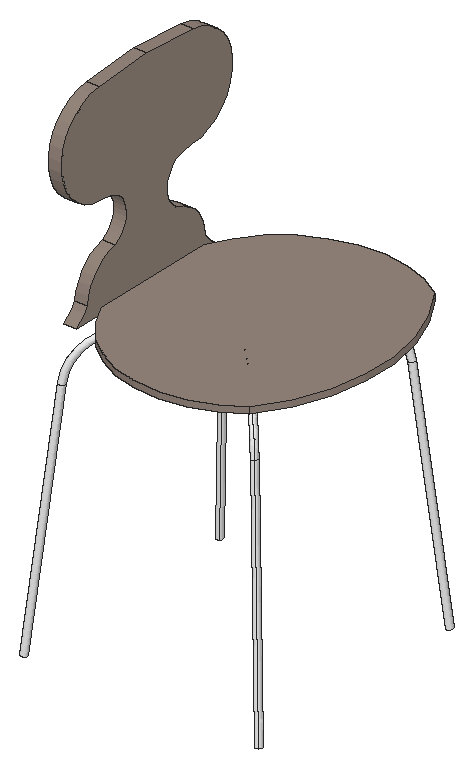
Revit family "Chair 1", category Furniture, Revit 2026
Family settings
  Work Plane-Based = No
  Enable Cutting in Views = No
  Always vertical = Yes
  Cut with Voids When Loaded = No
  Render Appearance Source = Family Geometry
  Shared = No
  Room Calculation Point = No
Parameters
  Keynote = "12600"
  Manufacturer = ""
  Default Elevation = 0 mm
  Bracket Material = Herman Miller - Finish 47 Trivalent Chrome
  Model = ""
  Cushion/Chair Back Material = Herman Miller - Veneer Z5 Maple
  BG_DIM_Width1 [instance] = 0 mm
  BG_DIM_Height1 [instance] = 0 mm
  BG_DIM_Depth1 [instance] = 0 mm
Reference planes
  plane 1 "Center F/B": y = -198.997
  plane 2: z = 0
  plane 3 "Center L/R": x = -1.022
Forms (mm)
  Sweep 1, solid, material "Herman Miller - Finish 47 Trivalent Chrome" <- "Bracket Material"
    path origin (61.052, -65.204, 45) x (0, 0, -1) y (0.707107, -0.707107, 0)
      loop
        line (45, -82.843) -> (-332.364, -36.508)
        arc (-332.364, -36.508) -> (-382.531, -10.114) -> (-402.615, 42.895) r 80
        line (-402.615, 42.895) -> (-402.615, 181.322)
    profile origin (18.855, -23.007, 188.682) x (-0.701836, 0.701836, 0.121869) y (-0.707107, -0.707107, 0)
      loop
        circle (0, 0) r 5
  Sweep 2, solid, material "Herman Miller - Finish 47 Trivalent Chrome" <- "Bracket Material"
    path origin (57.516, -325.168, 45) x (0, 0, -1) y (0.707107, 0.707107, 0)
      loop
        line (45, -82.843) -> (-332.364, -36.508)
        arc (-332.364, -36.508) -> (-382.531, -10.114) -> (-402.615, 42.895) r 80
        line (-402.615, 42.895) -> (-402.615, 181.322)
    profile origin (15.319, -367.364, 188.682) x (-0.701836, -0.701836, 0.121869) y (0.707107, -0.707107, 0)
      loop
        circle (0, 0) r 5
  Sweep 3, solid, material "Herman Miller - Finish 47 Trivalent Chrome" <- "Bracket Material"
    path origin (303.338, -65.204, 45) x (0, 0, -1) y (0.707107, 0.707107, 0)
      loop
        line (45, 82.843) -> (-332.364, 36.508)
        arc (-332.364, 36.508) -> (-382.531, 10.114) -> (-402.615, -42.895) r 80
        line (-402.615, -42.895) -> (-402.615, -181.322)
    profile origin (345.535, -23.007, 188.682) x (0.701836, 0.701836, 0.121869) y (-0.707107, 0.707107, 0)
      loop
        circle (0, 0) r 5
  Sweep 4, solid, material "Herman Miller - Finish 47 Trivalent Chrome" <- "Bracket Material"
    path origin (306.873, -325.168, 45) x (0, 0, -1) y (0.707107, -0.707107, 0)
      loop
        line (45, 82.843) -> (-332.364, 36.508)
        arc (-332.364, 36.508) -> (-382.531, 10.114) -> (-402.615, -42.895) r 80
        line (-402.615, -42.895) -> (-402.615, -181.322)
    profile origin (349.07, -367.364, 188.682) x (0.701836, -0.701836, 0.121869) y (0.707107, 0.707107, 0)
      loop
        circle (0, 0) r 5
  Extrusion 5, solid, material "Herman Miller - Veneer Z5 Maple" <- "Cushion/Chair Back Material"
    sketch origin (0, 0, 0) x (1, 0, 0) y (0, 1, 0)
      loop
        arc (340, -9.099) -> (152.776, 17.913) -> (32.728, -128.274) r 192.616
        line (32.728, -128.274) -> (32.728, -249.923)
        arc (32.728, -249.923) -> (152.776, -396.11) -> (340, -369.099) r 192.616
        arc (340, -369.099) -> (400.673, -189.099) -> (340, -9.099) r 297.34
    from 450 to 460
  Extrusion 6, solid, material "Herman Miller - Veneer Z5 Maple" <- "Cushion/Chair Back Material"
    sketch origin (390, -409.099, -27.081) x (0, 0, -1) y (0, 1, 0)
      loop
        arc (-498.809, 95.839) -> (-486.21, 86.065) -> (-477.081, 72.99) r 53.087
        line (-477.081, 72.99) -> (-477.081, 347.212)
        arc (-477.081, 347.212) -> (-486.21, 334.138) -> (-498.809, 324.364) r 53.087
        arc (-498.809, 324.364) -> (-539.073, 308.301) -> (-561.143, 270.989) r 67.175
        arc (-561.143, 270.989) -> (-601.737, 249.17) -> (-634.197, 281.887) r 38.521
        line (-634.197, 281.887) -> (-636.604, 298.938)
        arc (-636.604, 298.938) -> (-714.694, 376.726) -> (-796.127, 302.444) r 79.872
        line (-796.127, 302.444) -> (-802.584, 210.101) -> (-796.127, 117.759)
        arc (-796.127, 117.759) -> (-714.694, 43.477) -> (-636.604, 121.265) r 79.872
        line (-636.604, 121.265) -> (-634.197, 138.316)
        arc (-634.197, 138.316) -> (-601.737, 171.033) -> (-561.143, 149.213) r 38.521
        arc (-561.143, 149.213) -> (-539.073, 111.901) -> (-498.809, 95.839) r 67.175
    from -367.272 to -347.272
Dimensions and locks
  aligned and locked: plane 1 "Center F/B" to Extrusion 6
